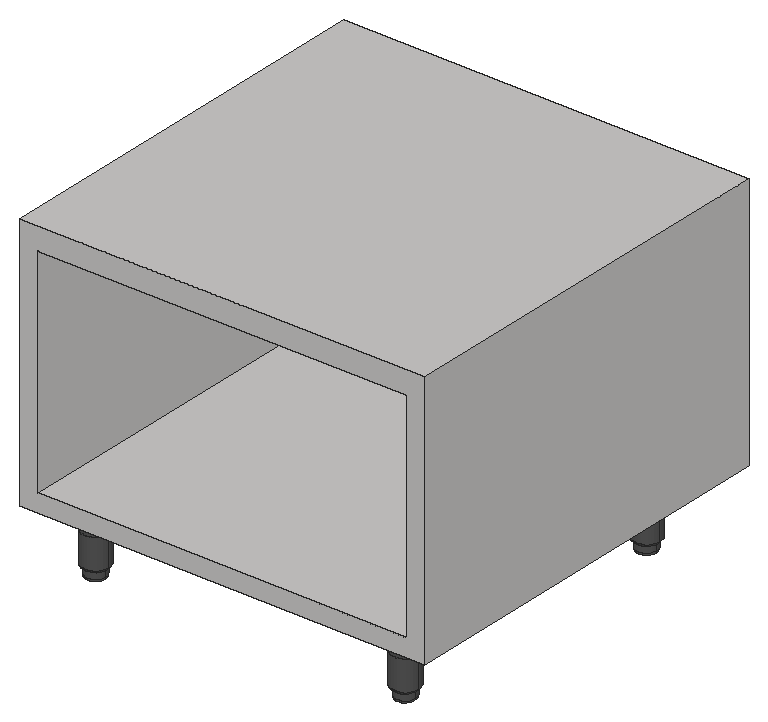
Revit family "QF_CAPIC_PO_W293023", category Equipement spécialisé, Revit 2018
Family settings
  Cote de connecteur circulaire = Utiliser le diamètre
  Type d'élément = Normal
  Numéro OmniClass = 23.40.40.14
  Titre OmniClass = Food Service Equipment
  Basée sur le plan de construction = Non
  Toujours verticalement = Oui
  Couper avec des vides une fois chargée = Non
  Partagée = Non
  Point de calcul de pièce = Non
Parameters (values of type "L=800mm")
  URL catalogue = "http://www.capic-fr.com/fr/"
  Type de Raccord Plomberie [instance] = ""
  Type de Raccord Electrique [instance] = ""
  Type de Gaz = ""
  Type article [instance] = ""
  Tension = 0 V
  Spécification du Fabricant = ""
  Show Logo = yes
  Remarques evacuation [instance] = ""
  Remarques Plomberie [instance] = ""
  Remarques Electricité [instance] = ""
  Puissance électrique  = 0 W
  Puissance Gaz kW = 0
  Profondeur hors tout = 801 mm
  Pression Maximum Eau Adoucie = 0.0 Pa
  Poids net à vide = 63.00 kg
  Phase = 0
  Modèle = "W293023"
  Longueur hors tout = 800 mm
  Intensité nominale = 0 A
  Hauteur hors tout = 630 mm
  Hauteur de Raccordement du Sol Finis = 0 mm
  Hauteur de Raccordement Gaz du Sol Finis = 0 mm
  Hauteur de Raccordement Evacuation Directe du Sol Finis = 0 mm
  Hauteur de Raccordement Eau Froide du Sol Finis = 0 mm
  Hauteur de Raccordement Eau Chaude du Sol Finis = 0 mm
  Hauteur de Raccordement Eau Adoucie du Sol Finis = 0 mm
  Fréquence = 0 Hz
  Fabricant = "CAPIC"
  Débit d'air d'extraction = 0.0 m³/h
  Débit Gaz = 0.0 L/s
  Débit Eau Froide = 0.0 L/s
  Débit Eau Chaude = 0.0 L/s
  Débit Eau Adoucie = 0.0 L/s
  Diamètre de Raccordement Gaz = 0 mm
  Diamètre de Raccordement Evacuation = 0 mm
  Diamètre de Raccordement Eau Froide = 0 mm
  Diamètre de Raccordement Eau Chaude = 0 mm
  Diamètre de Raccordement Eau Adoucie = 0 mm
  Description = "Placard Ouvert"
  Assembly Code = ""
  Classification  Omniclass nombre et titre = "23.40.40.14"
Reference planes
  plane 1 "Centre (avant/arrière)": y = 0
  plane 2: z = 0
  plane 3 "Centre (gauche/droite)": x = 0
  plane 4 "Centre G/E": y = 0
  plane 5: y = -838
  plane 6: x = 800
  plane 7: x = 798
  plane 8: x = 2
  plane 9: x = 765
  plane 10: y = -818
  plane 11: x = 758
  plane 12: y = -223
  plane 13: y = -820
  plane 14: z = 141
  plane 15: x = 42
  plane 16: x = 35
  plane 17: y = -182
  plane 18: z = 621
  plane 19: z = 120
  plane 20: y = -37
Forms (mm)
  Extrusion 1, solid, material "QF_Stainless Steel-Brushed"
    sketch origin (1480, 0, 0) x (1, 0, 0) y (0, 0, 1)
      loop
        line (-1480, 630) -> (-1480, 120) -> (-680, 120) -> (-680, 630) -> (-1480, 630)
    from 838 to 37
  Extrusion 2, void
    sketch origin (1480, 0, 0) x (1, 0, 0) y (0, 0, 1)
      loop
        line (-1445, 155.456) -> (-715, 155.456) -> (-715, 585.456) -> (-1445, 585.456) -> (-1445, 155.456)
    from 838 to 182
  Extrusion 3, void
    sketch origin (1480, 0, 0) x (1, 0, 0) y (0, 1, 0)
      loop
        line (-1445, -182) -> (-1445, -820) -> (-715, -820) -> (-715, -182) -> (-1445, -182)
    from 120 to 141
Cuts and joins
  Extrusion 2, Extrusion 3 cuts Extrusion 1
Dimensions and locks
  locked: plane 9 to plane 6 at 35
  locked: plane 10 to plane 5 at 20
  "Profondeur hors tout": plane 5 to plane 20
  locked: plane 12 to plane 13 at 597
  locked: plane 7 to plane 6 at 2
  locked: plane 3 "Centre (gauche/droite)" to plane 8 at 2
  "Longueur hors tout": plane 3 "Centre (gauche/droite)" to plane 6
  locked: plane 3 "Centre (gauche/droite)" to plane 16 at 35
  locked: plane 13 to plane 5 at 18
  locked: plane 3 "Centre (gauche/droite)" to plane 15 at 42
  locked: plane 11 to plane 6 at 42
  locked: plane 17 to plane 5 at 656
  plane 14 to plane 19 to plane 2 = 21 mm locked, 120 mm locked
  locked: plane 20 to plane 4 "Centre G/E" at 37
  aligned and locked: level to plane 2
  aligned and locked: Extrusion 1 to Extrusion 2
  aligned and locked: cut or joined group of Extrusion 1, Extrusion 2, Extrusion 3 to plane 5
  aligned and locked: nested 1 to plane 14
  aligned and locked: nested 2 to plane 14
  aligned and locked: nested 2 to plane 13
  aligned and locked: nested 2 to plane 15
  aligned and locked: nested 1 to plane 15
  aligned and locked: nested 1 to plane 12
  aligned and locked: nested 3 to plane 11
  aligned and locked: nested 4 to plane 11
  aligned and locked: plane 13 to nested 4
  aligned and locked: Extrusion 3 to plane 13
  aligned and locked: plane 17 to cut or joined group of Extrusion 1, Extrusion 2, Extrusion 3
  aligned and locked: plane 12 to nested 3
  aligned and locked: cut or joined group of Extrusion 1, Extrusion 2, Extrusion 3 to plane 17
  aligned and locked: plane 20 to cut or joined group of Extrusion 1, Extrusion 2, Extrusion 3
Automatic sketch dimensions
  Extrusion 1 sketch curve to plane 3 "Centre (gauche/droite)" = 0 mm
  Extrusion 1 sketch curve to plane 6 = 0 mm
  level to Extrusion 1 sketch curve = 120 mm
  Extrusion 1 sketch curve to Extrusion 1 sketch curve = 510 mm
  Extrusion 2 sketch curve to plane 9 = 0 mm
  level to Extrusion 2 sketch curve = 155.456 mm
  Extrusion 2 sketch curve to Extrusion 2 sketch curve = 430 mm
  Extrusion 3 sketch curve to plane 9 = 0 mm
  Extrusion 3 sketch curve to plane 10 = 2 mm
  plane 1 "Centre (avant/arrière)" to Extrusion 3 sketch curve = 182 mm
  Extrusion 2 sketch curve to plane 8 = 33 mm
  Extrusion 3 sketch curve to plane 8 = 33 mm
Nested families
  nested 1: "QF_Details_Pied" at (93.5, -223, 0), type "QF_Details_Pied"
  nested 2: "QF_Details_Pied" at (93.5, -820, 0), type "QF_Details_Pied"
  nested 3: "QF_Details_Pied" at (706.5, -223, 0), type "QF_Details_Pied"
  nested 4: "QF_Details_Pied" at (706.5, -820, 0), type "QF_Details_Pied"
Definition of nested family "QF_Details_Pied"
  Reference planes
    plane 1 "Centre (avant/arrière)": y = 0
    plane 2: z = 0
    plane 3 "Centre (gauche/droite)": x = 0
  Forms (mm)
    Extrusion 1, solid
      sketch origin (-137.492, 51.5, -340.756) x (1, 0, 0) y (0, 0, 1)
        loop
          line (85.992, 481.756) -> (85.992, 472.756) -> (188.992, 472.756) -> (188.992, 481.756) -> (85.992, 481.756)
      from -51.5 to 51.5
    Revolve 2, solid
      sketch origin (0, 51.5, -9) x (1, 0, 0) y (0, 0, 1)
        loop
          line (0, 141) -> (0, 9) -> (19.21, 9) -> (19.21, 13) -> (20.21, 13) -> (20.21, 26) -> (21.71, 26) -> (26.66, 30.95) -> (26.66, 90.95) -> (31.468, 136.698) -> (36.246, 141) -> (0, 141)
        axis (0, 141) -> (0, 9)
      angle from 0 to 360
  Dimensions and locks
    aligned and locked: level to plane 2
    aligned and locked: Extrusion 1 to Revolve 2 sketch curve
